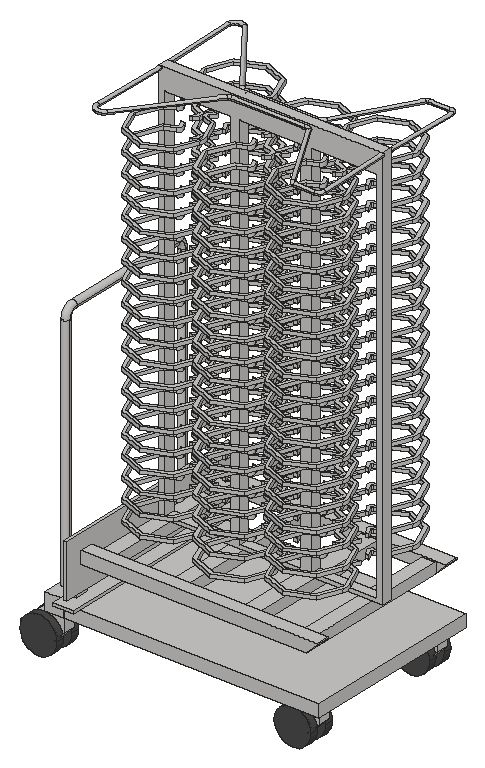
Revit family "QF_ELECTROLUXPROFESSIONAL_922764_TRBA116PL2021C", category Attrezzature speciali, Revit 2020 (continued)
Automatic sketch dimensions
  Extrusion 30 sketch curve to Extrusion 30 sketch curve = 0.12 mm
  Extrusion 30 sketch curve to Extrusion 30 sketch curve = 1.997 mm
  Extrusion 30 sketch curve to Extrusion 30 sketch curve = 13.006 mm  (x2)
  plane 21 to Extrusion 30 sketch curve = 19.305 mm
  plane 21 to Extrusion 30 sketch curve = 17.105 mm
  plane 61 to Extrusion 30 sketch curve = 0.677 mm
  plane 21 to Extrusion 30 sketch curve = 14.385 mm
  plane 21 to Extrusion 30 sketch curve = 8.282 mm
  plane 21 to Extrusion 30 sketch curve = 6.814 mm
  Extrusion 30 sketch curve to plane 21 = 16.765 mm
  Extrusion 30 sketch curve to Extrusion 30 sketch curve = 5.676 mm
  Extrusion 30 sketch curve to plane 61 = 14.321 mm
  Extrusion 30 sketch curve to Extrusion 30 sketch curve = 5.931 mm
  plane 23 to Extrusion 30 sketch curve = 16.976 mm
  Extrusion 30 sketch curve to plane 62 = 40.033 mm
  Extrusion 30 sketch curve to Extrusion 30 sketch curve = 7.129 mm
  Extrusion 30 sketch curve to Extrusion 30 sketch curve = 9.801 mm
  plane 23 to Extrusion 30 sketch curve = 21.716 mm
  Extrusion 30 sketch curve to Extrusion 30 sketch curve = 10.269 mm
  plane 23 to Extrusion 30 sketch curve = 28.819 mm
  Extrusion 30 sketch curve to Extrusion 30 sketch curve = 2.378 mm
  Extrusion 30 sketch curve to Extrusion 30 sketch curve = 2.721 mm
  Extrusion 30 sketch curve to Extrusion 30 sketch curve = 1.609 mm
  Extrusion 30 sketch curve to plane 61 = 0.677 mm
  Extrusion 30 sketch curve to plane 62 = 81.177 mm
  Extrusion 30 sketch curve to Extrusion 30 sketch curve = 34.52 mm
  Extrusion 30 sketch curve to plane 14 = 23.461 mm
  Extrusion 30 sketch curve to Extrusion 30 sketch curve = 0.634 mm
  Extrusion 30 sketch curve to plane 14 = 12.859 mm
  Extrusion 30 sketch curve to Extrusion 30 sketch curve = 5.47 mm  (x2)
  plane 23 to Extrusion 30 sketch curve = 44.113 mm
  Extrusion 30 sketch curve to Extrusion 30 sketch curve = 7.067 mm
  Extrusion 30 sketch curve to plane 61 = 1.889 mm
  Extrusion 30 sketch curve to Extrusion 30 sketch curve = 33.003 mm
  Extrusion 30 sketch curve to plane 61 = 16.292 mm
  Extrusion 30 sketch curve to Extrusion 30 sketch curve = 3.823 mm
  plane 61 to Extrusion 30 sketch curve = 14.321 mm
  Extrusion 30 sketch curve to Extrusion 30 sketch curve = 0.26 mm
  Extrusion 30 sketch curve to Extrusion 30 sketch curve = 0.931 mm
  Extrusion 30 sketch curve to Extrusion 30 sketch curve = 14.355 mm
  Extrusion 30 sketch curve to Extrusion 30 sketch curve = 8.956 mm
  Extrusion 30 sketch curve to Extrusion 30 sketch curve = 8.823 mm
  Extrusion 30 sketch curve to plane 14 = 19.797 mm
  plane 14 to Extrusion 30 sketch curve = 12.573 mm
  Extrusion 30 sketch curve to Extrusion 30 sketch curve = 10.291 mm
  Extrusion 31 sketch curve to plane 63 = 0 mm
  plane 23 to Extrusion 31 sketch curve = 0 mm  (x2)
  Extrusion 31 sketch curve to plane 64 = 0 mm
  plane 64 to Extrusion 31 sketch curve = 1.038 mm
  plane 23 to Extrusion 31 sketch curve = 17.086 mm
  plane 64 to Extrusion 31 sketch curve = 38.719 mm
  Extrusion 31 sketch curve to Extrusion 31 sketch curve = 7.361 mm
  Extrusion 31 sketch curve to Extrusion 31 sketch curve = 9.865 mm
  plane 23 to Extrusion 31 sketch curve = 21.155 mm
  Extrusion 31 sketch curve to Extrusion 31 sketch curve = 10.657 mm
  Extrusion 31 sketch curve to Extrusion 31 sketch curve = 2.333 mm
  plane 23 to Extrusion 31 sketch curve = 28.29 mm
  Extrusion 31 sketch curve to Extrusion 31 sketch curve = 0.12 mm
  Extrusion 31 sketch curve to Extrusion 31 sketch curve = 1.997 mm
  Extrusion 31 sketch curve to Extrusion 31 sketch curve = 13.006 mm  (x2)
  Extrusion 31 sketch curve to plane 14 = 19.797 mm
  plane 6 to Extrusion 31 sketch curve = 48.776 mm
  Extrusion 31 sketch curve to Extrusion 31 sketch curve = 32.378 mm
  plane 63 to Extrusion 31 sketch curve = 0.677 mm
  plane 6 to Extrusion 31 sketch curve = 43.856 mm
  Extrusion 31 sketch curve to Extrusion 31 sketch curve = 8.823 mm  (x2)
  Extrusion 31 sketch curve to plane 14 = 14.327 mm
  Extrusion 31 sketch curve to Extrusion 31 sketch curve = 12.491 mm
  plane 6 to Extrusion 31 sketch curve = 12.706 mm
  plane 6 to Extrusion 31 sketch curve = 7.03 mm
  plane 6 to Extrusion 31 sketch curve = 6.775 mm
  plane 23 to Extrusion 31 sketch curve = 16.976 mm
  Extrusion 31 sketch curve to plane 64 = 40.033 mm
  Extrusion 31 sketch curve to Extrusion 31 sketch curve = 7.129 mm
  Extrusion 31 sketch curve to Extrusion 31 sketch curve = 9.801 mm
  plane 23 to Extrusion 31 sketch curve = 21.716 mm
  Extrusion 31 sketch curve to Extrusion 31 sketch curve = 10.269 mm
  plane 23 to Extrusion 31 sketch curve = 28.819 mm
  Extrusion 31 sketch curve to Extrusion 31 sketch curve = 2.378 mm
  Extrusion 31 sketch curve to Extrusion 31 sketch curve = 2.721 mm
  Extrusion 31 sketch curve to Extrusion 31 sketch curve = 1.609 mm
  Extrusion 31 sketch curve to plane 63 = 0.677 mm
  Extrusion 31 sketch curve to plane 64 = 81.177 mm
  Extrusion 31 sketch curve to Extrusion 31 sketch curve = 34.52 mm
  Extrusion 31 sketch curve to plane 14 = 23.461 mm
  Extrusion 31 sketch curve to Extrusion 31 sketch curve = 0.634 mm
  Extrusion 31 sketch curve to plane 14 = 12.859 mm
  Extrusion 31 sketch curve to Extrusion 31 sketch curve = 5.47 mm
  plane 23 to Extrusion 31 sketch curve = 44.113 mm
  Extrusion 31 sketch curve to Extrusion 31 sketch curve = 7.067 mm
  Extrusion 31 sketch curve to plane 63 = 1.889 mm
  Extrusion 31 sketch curve to Extrusion 31 sketch curve = 33.003 mm
  Extrusion 31 sketch curve to plane 63 = 16.292 mm
  Extrusion 31 sketch curve to Extrusion 31 sketch curve = 3.823 mm
  plane 63 to Extrusion 31 sketch curve = 14.321 mm
  Extrusion 31 sketch curve to Extrusion 31 sketch curve = 0.26 mm
  Extrusion 31 sketch curve to Extrusion 31 sketch curve = 0.931 mm
  Extrusion 31 sketch curve to Extrusion 31 sketch curve = 14.355 mm
  Extrusion 31 sketch curve to Extrusion 31 sketch curve = 8.956 mm
  plane 63 to Extrusion 31 sketch curve = 16.292 mm
  plane 14 to Extrusion 31 sketch curve = 12.573 mm
  Extrusion 31 sketch curve to Extrusion 31 sketch curve = 10.291 mm
  plane 65 to Extrusion 32 sketch curve = 0 mm
  plane 24 to Extrusion 32 sketch curve = 0 mm  (x2)
  Extrusion 32 sketch curve to plane 66 = 0 mm
  Extrusion 32 sketch curve to plane 66 = 1.038 mm
  plane 24 to Extrusion 32 sketch curve = 17.086 mm
  Extrusion 32 sketch curve to plane 66 = 38.719 mm
  Extrusion 32 sketch curve to Extrusion 32 sketch curve = 7.361 mm
  Extrusion 32 sketch curve to Extrusion 32 sketch curve = 9.865 mm
  plane 24 to Extrusion 32 sketch curve = 21.155 mm
  Extrusion 32 sketch curve to Extrusion 32 sketch curve = 10.657 mm
  Extrusion 32 sketch curve to Extrusion 32 sketch curve = 2.333 mm
  plane 24 to Extrusion 32 sketch curve = 28.29 mm
  Extrusion 32 sketch curve to Extrusion 32 sketch curve = 0.12 mm
  Extrusion 32 sketch curve to Extrusion 32 sketch curve = 1.997 mm
  Extrusion 32 sketch curve to Extrusion 32 sketch curve = 13.006 mm  (x2)
  Extrusion 32 sketch curve to plane 21 = 19.305 mm
  Extrusion 32 sketch curve to plane 21 = 17.105 mm
  Extrusion 32 sketch curve to plane 65 = 0.677 mm
  Extrusion 32 sketch curve to plane 21 = 14.385 mm
  Extrusion 32 sketch curve to plane 21 = 8.282 mm
  Extrusion 32 sketch curve to plane 21 = 6.814 mm
  plane 21 to Extrusion 32 sketch curve = 16.765 mm
  Extrusion 32 sketch curve to Extrusion 32 sketch curve = 5.676 mm
  plane 65 to Extrusion 32 sketch curve = 14.321 mm
  Extrusion 32 sketch curve to Extrusion 32 sketch curve = 5.931 mm
  plane 24 to Extrusion 32 sketch curve = 16.976 mm
  plane 66 to Extrusion 32 sketch curve = 40.033 mm
  Extrusion 32 sketch curve to Extrusion 32 sketch curve = 7.129 mm
  Extrusion 32 sketch curve to Extrusion 32 sketch curve = 9.801 mm
  plane 24 to Extrusion 32 sketch curve = 21.716 mm
  Extrusion 32 sketch curve to Extrusion 32 sketch curve = 10.269 mm
  plane 24 to Extrusion 32 sketch curve = 28.819 mm
  Extrusion 32 sketch curve to Extrusion 32 sketch curve = 2.378 mm
  Extrusion 32 sketch curve to Extrusion 32 sketch curve = 2.721 mm
  Extrusion 32 sketch curve to Extrusion 32 sketch curve = 1.609 mm
  plane 65 to Extrusion 32 sketch curve = 0.677 mm
  plane 66 to Extrusion 32 sketch curve = 81.177 mm
  Extrusion 32 sketch curve to Extrusion 32 sketch curve = 34.52 mm
  Extrusion 32 sketch curve to plane 15 = 23.461 mm
  Extrusion 32 sketch curve to Extrusion 32 sketch curve = 0.634 mm
  Extrusion 32 sketch curve to plane 15 = 12.859 mm
  Extrusion 32 sketch curve to Extrusion 32 sketch curve = 5.47 mm  (x2)
  plane 24 to Extrusion 32 sketch curve = 44.113 mm
  Extrusion 32 sketch curve to Extrusion 32 sketch curve = 7.067 mm
  plane 65 to Extrusion 32 sketch curve = 1.889 mm
  Extrusion 32 sketch curve to Extrusion 32 sketch curve = 33.003 mm
  plane 65 to Extrusion 32 sketch curve = 16.292 mm
  Extrusion 32 sketch curve to Extrusion 32 sketch curve = 3.823 mm
  Extrusion 32 sketch curve to plane 65 = 14.321 mm
  Extrusion 32 sketch curve to Extrusion 32 sketch curve = 0.26 mm
  Extrusion 32 sketch curve to Extrusion 32 sketch curve = 0.931 mm
  Extrusion 32 sketch curve to Extrusion 32 sketch curve = 14.355 mm
  Extrusion 32 sketch curve to Extrusion 32 sketch curve = 8.956 mm
  Extrusion 32 sketch curve to Extrusion 32 sketch curve = 8.823 mm
  Extrusion 32 sketch curve to plane 15 = 19.797 mm
  plane 15 to Extrusion 32 sketch curve = 12.573 mm
  Extrusion 32 sketch curve to Extrusion 32 sketch curve = 10.291 mm
  plane 67 to Extrusion 33 sketch curve = 0 mm
  plane 24 to Extrusion 33 sketch curve = 0 mm  (x2)
  Extrusion 33 sketch curve to plane 68 = 0 mm
  Extrusion 33 sketch curve to plane 68 = 1.038 mm
  plane 24 to Extrusion 33 sketch curve = 17.086 mm
  Extrusion 33 sketch curve to plane 68 = 38.719 mm
  Extrusion 33 sketch curve to Extrusion 33 sketch curve = 7.361 mm
  Extrusion 33 sketch curve to Extrusion 33 sketch curve = 9.865 mm
  plane 24 to Extrusion 33 sketch curve = 21.155 mm
  Extrusion 33 sketch curve to Extrusion 33 sketch curve = 10.657 mm
  Extrusion 33 sketch curve to Extrusion 33 sketch curve = 2.333 mm
  plane 24 to Extrusion 33 sketch curve = 28.29 mm
  Extrusion 33 sketch curve to Extrusion 33 sketch curve = 0.12 mm
  Extrusion 33 sketch curve to Extrusion 33 sketch curve = 1.997 mm
  Extrusion 33 sketch curve to Extrusion 33 sketch curve = 13.006 mm  (x2)
  Extrusion 33 sketch curve to plane 15 = 19.797 mm
  Extrusion 33 sketch curve to plane 6 = 48.776 mm
  Extrusion 33 sketch curve to Extrusion 33 sketch curve = 32.378 mm
  Extrusion 33 sketch curve to plane 67 = 0.677 mm
  Extrusion 33 sketch curve to plane 6 = 43.856 mm
  Extrusion 33 sketch curve to Extrusion 33 sketch curve = 8.823 mm  (x2)
  Extrusion 33 sketch curve to plane 15 = 14.327 mm
  Extrusion 33 sketch curve to Extrusion 33 sketch curve = 12.491 mm
  Extrusion 33 sketch curve to plane 6 = 12.706 mm
  Extrusion 33 sketch curve to plane 6 = 7.03 mm
  Extrusion 33 sketch curve to plane 6 = 6.775 mm
  plane 24 to Extrusion 33 sketch curve = 16.976 mm
  plane 68 to Extrusion 33 sketch curve = 40.033 mm
  Extrusion 33 sketch curve to Extrusion 33 sketch curve = 7.129 mm
  Extrusion 33 sketch curve to Extrusion 33 sketch curve = 9.801 mm
  plane 24 to Extrusion 33 sketch curve = 21.716 mm
  Extrusion 33 sketch curve to Extrusion 33 sketch curve = 10.269 mm
  plane 24 to Extrusion 33 sketch curve = 28.819 mm
  Extrusion 33 sketch curve to Extrusion 33 sketch curve = 2.378 mm
  Extrusion 33 sketch curve to Extrusion 33 sketch curve = 2.721 mm
  Extrusion 33 sketch curve to Extrusion 33 sketch curve = 1.609 mm
  plane 67 to Extrusion 33 sketch curve = 0.677 mm
  plane 68 to Extrusion 33 sketch curve = 81.177 mm
  Extrusion 33 sketch curve to Extrusion 33 sketch curve = 34.52 mm
  Extrusion 33 sketch curve to plane 15 = 23.461 mm
  Extrusion 33 sketch curve to Extrusion 33 sketch curve = 0.634 mm
  Extrusion 33 sketch curve to plane 15 = 12.859 mm
  Extrusion 33 sketch curve to Extrusion 33 sketch curve = 5.47 mm
  plane 24 to Extrusion 33 sketch curve = 44.113 mm
  Extrusion 33 sketch curve to Extrusion 33 sketch curve = 7.067 mm
  plane 67 to Extrusion 33 sketch curve = 1.889 mm
  Extrusion 33 sketch curve to Extrusion 33 sketch curve = 33.003 mm
  plane 67 to Extrusion 33 sketch curve = 16.292 mm
  Extrusion 33 sketch curve to Extrusion 33 sketch curve = 3.823 mm
  Extrusion 33 sketch curve to plane 67 = 14.321 mm
  Extrusion 33 sketch curve to Extrusion 33 sketch curve = 0.26 mm
  Extrusion 33 sketch curve to Extrusion 33 sketch curve = 0.931 mm
  Extrusion 33 sketch curve to Extrusion 33 sketch curve = 14.355 mm
  Extrusion 33 sketch curve to Extrusion 33 sketch curve = 8.956 mm
  Extrusion 33 sketch curve to plane 67 = 16.292 mm
  plane 15 to Extrusion 33 sketch curve = 12.573 mm
  Extrusion 33 sketch curve to Extrusion 33 sketch curve = 10.291 mm
  Extrusion 34 sketch curve to plane 69 = 0 mm
  plane 23 to Extrusion 34 sketch curve = 0 mm  (x2)
  Extrusion 34 sketch curve to plane 70 = 0 mm
  plane 70 to Extrusion 34 sketch curve = 1.038 mm
  plane 23 to Extrusion 34 sketch curve = 17.086 mm
  plane 70 to Extrusion 34 sketch curve = 38.719 mm
  Extrusion 34 sketch curve to Extrusion 34 sketch curve = 7.361 mm
  Extrusion 34 sketch curve to Extrusion 34 sketch curve = 9.865 mm
  plane 23 to Extrusion 34 sketch curve = 21.155 mm
  Extrusion 34 sketch curve to Extrusion 34 sketch curve = 10.657 mm
  Extrusion 34 sketch curve to Extrusion 34 sketch curve = 2.333 mm
  plane 23 to Extrusion 34 sketch curve = 28.29 mm
  Extrusion 34 sketch curve to Extrusion 34 sketch curve = 0.12 mm
  Extrusion 34 sketch curve to Extrusion 34 sketch curve = 1.997 mm
  Extrusion 34 sketch curve to Extrusion 34 sketch curve = 13.006 mm  (x2)
  plane 21 to Extrusion 34 sketch curve = 19.305 mm
  plane 21 to Extrusion 34 sketch curve = 17.105 mm
  plane 69 to Extrusion 34 sketch curve = 0.677 mm
  plane 21 to Extrusion 34 sketch curve = 14.385 mm
  plane 21 to Extrusion 34 sketch curve = 8.282 mm
  plane 21 to Extrusion 34 sketch curve = 6.814 mm
  Extrusion 34 sketch curve to plane 21 = 16.765 mm
  Extrusion 34 sketch curve to Extrusion 34 sketch curve = 5.676 mm
  Extrusion 34 sketch curve to plane 69 = 14.321 mm
  Extrusion 34 sketch curve to Extrusion 34 sketch curve = 5.931 mm
  plane 23 to Extrusion 34 sketch curve = 16.976 mm
  Extrusion 34 sketch curve to plane 70 = 40.033 mm
  Extrusion 34 sketch curve to Extrusion 34 sketch curve = 7.129 mm
  Extrusion 34 sketch curve to Extrusion 34 sketch curve = 9.801 mm
  plane 23 to Extrusion 34 sketch curve = 21.716 mm
  Extrusion 34 sketch curve to Extrusion 34 sketch curve = 10.269 mm
  plane 23 to Extrusion 34 sketch curve = 28.819 mm
  Extrusion 34 sketch curve to Extrusion 34 sketch curve = 2.378 mm
  Extrusion 34 sketch curve to Extrusion 34 sketch curve = 2.721 mm
  Extrusion 34 sketch curve to Extrusion 34 sketch curve = 1.609 mm
  Extrusion 34 sketch curve to plane 69 = 0.677 mm
  Extrusion 34 sketch curve to plane 70 = 81.177 mm
  Extrusion 34 sketch curve to Extrusion 34 sketch curve = 34.52 mm
  Extrusion 34 sketch curve to plane 14 = 23.461 mm
  Extrusion 34 sketch curve to Extrusion 34 sketch curve = 0.634 mm
  Extrusion 34 sketch curve to plane 14 = 12.859 mm
  Extrusion 34 sketch curve to Extrusion 34 sketch curve = 5.47 mm  (x2)
  plane 23 to Extrusion 34 sketch curve = 44.113 mm
  Extrusion 34 sketch curve to Extrusion 34 sketch curve = 7.067 mm
  Extrusion 34 sketch curve to plane 69 = 1.889 mm
  Extrusion 34 sketch curve to Extrusion 34 sketch curve = 33.003 mm
  Extrusion 34 sketch curve to plane 69 = 16.292 mm
  Extrusion 34 sketch curve to Extrusion 34 sketch curve = 3.823 mm
  plane 69 to Extrusion 34 sketch curve = 14.321 mm
  Extrusion 34 sketch curve to Extrusion 34 sketch curve = 0.26 mm
  Extrusion 34 sketch curve to Extrusion 34 sketch curve = 0.931 mm
  Extrusion 34 sketch curve to Extrusion 34 sketch curve = 14.355 mm
  Extrusion 34 sketch curve to Extrusion 34 sketch curve = 8.956 mm
  Extrusion 34 sketch curve to Extrusion 34 sketch curve = 8.823 mm
  Extrusion 34 sketch curve to plane 14 = 19.797 mm
  plane 14 to Extrusion 34 sketch curve = 12.573 mm
  Extrusion 34 sketch curve to Extrusion 34 sketch curve = 10.291 mm
  Extrusion 35 sketch curve to plane 71 = 0 mm
  plane 23 to Extrusion 35 sketch curve = 0 mm  (x2)
  Extrusion 35 sketch curve to plane 72 = 0 mm
  plane 72 to Extrusion 35 sketch curve = 1.038 mm
  plane 23 to Extrusion 35 sketch curve = 17.086 mm
  plane 72 to Extrusion 35 sketch curve = 38.719 mm
  Extrusion 35 sketch curve to Extrusion 35 sketch curve = 7.361 mm
  Extrusion 35 sketch curve to Extrusion 35 sketch curve = 9.865 mm
  plane 23 to Extrusion 35 sketch curve = 21.155 mm
  Extrusion 35 sketch curve to Extrusion 35 sketch curve = 10.657 mm
  Extrusion 35 sketch curve to Extrusion 35 sketch curve = 2.333 mm
  plane 23 to Extrusion 35 sketch curve = 28.29 mm
  Extrusion 35 sketch curve to Extrusion 35 sketch curve = 0.12 mm
  Extrusion 35 sketch curve to Extrusion 35 sketch curve = 1.997 mm
  Extrusion 35 sketch curve to Extrusion 35 sketch curve = 13.006 mm  (x2)
  Extrusion 35 sketch curve to plane 14 = 19.797 mm
  plane 6 to Extrusion 35 sketch curve = 48.776 mm
  Extrusion 35 sketch curve to Extrusion 35 sketch curve = 32.378 mm
  plane 71 to Extrusion 35 sketch curve = 0.677 mm
  plane 6 to Extrusion 35 sketch curve = 43.856 mm
  Extrusion 35 sketch curve to Extrusion 35 sketch curve = 8.823 mm  (x2)
  Extrusion 35 sketch curve to plane 14 = 14.327 mm
  Extrusion 35 sketch curve to Extrusion 35 sketch curve = 12.491 mm
  plane 6 to Extrusion 35 sketch curve = 12.706 mm
  plane 6 to Extrusion 35 sketch curve = 7.03 mm
  plane 6 to Extrusion 35 sketch curve = 6.775 mm
  plane 23 to Extrusion 35 sketch curve = 16.976 mm
  Extrusion 35 sketch curve to plane 72 = 40.033 mm
  Extrusion 35 sketch curve to Extrusion 35 sketch curve = 7.129 mm
  Extrusion 35 sketch curve to Extrusion 35 sketch curve = 9.801 mm
  plane 23 to Extrusion 35 sketch curve = 21.716 mm
  Extrusion 35 sketch curve to Extrusion 35 sketch curve = 10.269 mm
  plane 23 to Extrusion 35 sketch curve = 28.819 mm
  Extrusion 35 sketch curve to Extrusion 35 sketch curve = 2.378 mm
  Extrusion 35 sketch curve to Extrusion 35 sketch curve = 2.721 mm
  Extrusion 35 sketch curve to Extrusion 35 sketch curve = 1.609 mm
  Extrusion 35 sketch curve to plane 71 = 0.677 mm
  Extrusion 35 sketch curve to plane 72 = 81.177 mm
  Extrusion 35 sketch curve to Extrusion 35 sketch curve = 34.52 mm
  Extrusion 35 sketch curve to plane 14 = 23.461 mm
  Extrusion 35 sketch curve to Extrusion 35 sketch curve = 0.634 mm
  Extrusion 35 sketch curve to plane 14 = 12.859 mm
  Extrusion 35 sketch curve to Extrusion 35 sketch curve = 5.47 mm
  plane 23 to Extrusion 35 sketch curve = 44.113 mm
  Extrusion 35 sketch curve to Extrusion 35 sketch curve = 7.067 mm
  Extrusion 35 sketch curve to plane 71 = 1.889 mm
  Extrusion 35 sketch curve to Extrusion 35 sketch curve = 33.003 mm
  Extrusion 35 sketch curve to plane 71 = 16.292 mm
  Extrusion 35 sketch curve to Extrusion 35 sketch curve = 3.823 mm
  plane 71 to Extrusion 35 sketch curve = 14.321 mm
  Extrusion 35 sketch curve to Extrusion 35 sketch curve = 0.26 mm
  Extrusion 35 sketch curve to Extrusion 35 sketch curve = 0.931 mm
  Extrusion 35 sketch curve to Extrusion 35 sketch curve = 14.355 mm
  Extrusion 35 sketch curve to Extrusion 35 sketch curve = 8.956 mm
  plane 71 to Extrusion 35 sketch curve = 16.292 mm
  plane 14 to Extrusion 35 sketch curve = 12.573 mm
  Extrusion 35 sketch curve to Extrusion 35 sketch curve = 10.291 mm
  plane 73 to Extrusion 36 sketch curve = 0 mm
  plane 24 to Extrusion 36 sketch curve = 0 mm  (x2)
  Extrusion 36 sketch curve to plane 74 = 0 mm
  Extrusion 36 sketch curve to plane 74 = 1.038 mm
  plane 24 to Extrusion 36 sketch curve = 17.086 mm
  Extrusion 36 sketch curve to plane 74 = 38.719 mm
  Extrusion 36 sketch curve to Extrusion 36 sketch curve = 7.361 mm
  Extrusion 36 sketch curve to Extrusion 36 sketch curve = 9.865 mm
  plane 24 to Extrusion 36 sketch curve = 21.155 mm
  Extrusion 36 sketch curve to Extrusion 36 sketch curve = 10.657 mm
  Extrusion 36 sketch curve to Extrusion 36 sketch curve = 2.333 mm
  plane 24 to Extrusion 36 sketch curve = 28.29 mm
  Extrusion 36 sketch curve to Extrusion 36 sketch curve = 0.12 mm
  Extrusion 36 sketch curve to Extrusion 36 sketch curve = 1.997 mm
  Extrusion 36 sketch curve to Extrusion 36 sketch curve = 13.006 mm  (x2)
  Extrusion 36 sketch curve to plane 21 = 19.305 mm
  Extrusion 36 sketch curve to plane 21 = 17.105 mm
  Extrusion 36 sketch curve to plane 73 = 0.677 mm
  Extrusion 36 sketch curve to plane 21 = 14.385 mm
  Extrusion 36 sketch curve to plane 21 = 8.282 mm
  Extrusion 36 sketch curve to plane 21 = 6.814 mm
  plane 21 to Extrusion 36 sketch curve = 16.765 mm
  Extrusion 36 sketch curve to Extrusion 36 sketch curve = 5.676 mm
  plane 73 to Extrusion 36 sketch curve = 14.321 mm
  Extrusion 36 sketch curve to Extrusion 36 sketch curve = 5.931 mm
  plane 24 to Extrusion 36 sketch curve = 16.976 mm
  plane 74 to Extrusion 36 sketch curve = 40.033 mm
  Extrusion 36 sketch curve to Extrusion 36 sketch curve = 7.129 mm
  Extrusion 36 sketch curve to Extrusion 36 sketch curve = 9.801 mm
  plane 24 to Extrusion 36 sketch curve = 21.716 mm
  Extrusion 36 sketch curve to Extrusion 36 sketch curve = 10.269 mm
  plane 24 to Extrusion 36 sketch curve = 28.819 mm
  Extrusion 36 sketch curve to Extrusion 36 sketch curve = 2.378 mm
  Extrusion 36 sketch curve to Extrusion 36 sketch curve = 2.721 mm
  Extrusion 36 sketch curve to Extrusion 36 sketch curve = 1.609 mm
  plane 73 to Extrusion 36 sketch curve = 0.677 mm
  plane 74 to Extrusion 36 sketch curve = 81.177 mm
  Extrusion 36 sketch curve to Extrusion 36 sketch curve = 34.52 mm
  Extrusion 36 sketch curve to plane 15 = 23.461 mm
  Extrusion 36 sketch curve to Extrusion 36 sketch curve = 0.634 mm
  Extrusion 36 sketch curve to plane 15 = 12.859 mm
  Extrusion 36 sketch curve to Extrusion 36 sketch curve = 5.47 mm  (x2)
  plane 24 to Extrusion 36 sketch curve = 44.113 mm
  Extrusion 36 sketch curve to Extrusion 36 sketch curve = 7.067 mm
  plane 73 to Extrusion 36 sketch curve = 1.889 mm
  Extrusion 36 sketch curve to Extrusion 36 sketch curve = 33.003 mm
  plane 73 to Extrusion 36 sketch curve = 16.292 mm
  Extrusion 36 sketch curve to Extrusion 36 sketch curve = 3.823 mm
  Extrusion 36 sketch curve to plane 73 = 14.321 mm
  Extrusion 36 sketch curve to Extrusion 36 sketch curve = 0.26 mm
  Extrusion 36 sketch curve to Extrusion 36 sketch curve = 0.931 mm
  Extrusion 36 sketch curve to Extrusion 36 sketch curve = 14.355 mm
  Extrusion 36 sketch curve to Extrusion 36 sketch curve = 8.956 mm
  Extrusion 36 sketch curve to Extrusion 36 sketch curve = 8.823 mm
  Extrusion 36 sketch curve to plane 15 = 19.797 mm
  plane 15 to Extrusion 36 sketch curve = 12.573 mm
  Extrusion 36 sketch curve to Extrusion 36 sketch curve = 10.291 mm
  plane 75 to Extrusion 37 sketch curve = 0 mm
  plane 24 to Extrusion 37 sketch curve = 0 mm  (x2)
  Extrusion 37 sketch curve to plane 76 = 0 mm
  Extrusion 37 sketch curve to plane 76 = 1.038 mm
  plane 24 to Extrusion 37 sketch curve = 17.086 mm
  Extrusion 37 sketch curve to plane 76 = 38.719 mm
  Extrusion 37 sketch curve to Extrusion 37 sketch curve = 7.361 mm
  Extrusion 37 sketch curve to Extrusion 37 sketch curve = 9.865 mm
  plane 24 to Extrusion 37 sketch curve = 21.155 mm
  Extrusion 37 sketch curve to Extrusion 37 sketch curve = 10.657 mm
  Extrusion 37 sketch curve to Extrusion 37 sketch curve = 2.333 mm
  plane 24 to Extrusion 37 sketch curve = 28.29 mm
  Extrusion 37 sketch curve to Extrusion 37 sketch curve = 0.12 mm
  Extrusion 37 sketch curve to Extrusion 37 sketch curve = 1.997 mm
  Extrusion 37 sketch curve to Extrusion 37 sketch curve = 13.006 mm  (x2)
  Extrusion 37 sketch curve to plane 15 = 19.797 mm
  Extrusion 37 sketch curve to plane 6 = 48.776 mm
  Extrusion 37 sketch curve to Extrusion 37 sketch curve = 32.378 mm
  Extrusion 37 sketch curve to plane 75 = 0.677 mm
  Extrusion 37 sketch curve to plane 6 = 43.856 mm
  Extrusion 37 sketch curve to Extrusion 37 sketch curve = 8.823 mm  (x2)
  Extrusion 37 sketch curve to plane 15 = 14.327 mm
  Extrusion 37 sketch curve to Extrusion 37 sketch curve = 12.491 mm
  Extrusion 37 sketch curve to plane 6 = 12.706 mm
  Extrusion 37 sketch curve to plane 6 = 7.03 mm
  Extrusion 37 sketch curve to plane 6 = 6.775 mm
  plane 24 to Extrusion 37 sketch curve = 16.976 mm
  plane 76 to Extrusion 37 sketch curve = 40.033 mm
  Extrusion 37 sketch curve to Extrusion 37 sketch curve = 7.129 mm
  Extrusion 37 sketch curve to Extrusion 37 sketch curve = 9.801 mm
  plane 24 to Extrusion 37 sketch curve = 21.716 mm
  Extrusion 37 sketch curve to Extrusion 37 sketch curve = 10.269 mm
  plane 24 to Extrusion 37 sketch curve = 28.819 mm
  Extrusion 37 sketch curve to Extrusion 37 sketch curve = 2.378 mm
  Extrusion 37 sketch curve to Extrusion 37 sketch curve = 2.721 mm
  Extrusion 37 sketch curve to Extrusion 37 sketch curve = 1.609 mm
  plane 75 to Extrusion 37 sketch curve = 0.677 mm
  plane 76 to Extrusion 37 sketch curve = 81.177 mm
  Extrusion 37 sketch curve to Extrusion 37 sketch curve = 34.52 mm
  Extrusion 37 sketch curve to plane 15 = 23.461 mm
  Extrusion 37 sketch curve to Extrusion 37 sketch curve = 0.634 mm
  Extrusion 37 sketch curve to plane 15 = 12.859 mm
  Extrusion 37 sketch curve to Extrusion 37 sketch curve = 5.47 mm
  plane 24 to Extrusion 37 sketch curve = 44.113 mm
  Extrusion 37 sketch curve to Extrusion 37 sketch curve = 7.067 mm
  plane 75 to Extrusion 37 sketch curve = 1.889 mm
  Extrusion 37 sketch curve to Extrusion 37 sketch curve = 33.003 mm
  plane 75 to Extrusion 37 sketch curve = 16.292 mm
  Extrusion 37 sketch curve to Extrusion 37 sketch curve = 3.823 mm
  Extrusion 37 sketch curve to plane 75 = 14.321 mm
  Extrusion 37 sketch curve to Extrusion 37 sketch curve = 0.26 mm
  Extrusion 37 sketch curve to Extrusion 37 sketch curve = 0.931 mm
  Extrusion 37 sketch curve to Extrusion 37 sketch curve = 14.355 mm
  Extrusion 37 sketch curve to Extrusion 37 sketch curve = 8.956 mm
  Extrusion 37 sketch curve to plane 75 = 16.292 mm
  plane 15 to Extrusion 37 sketch curve = 12.573 mm
  Extrusion 37 sketch curve to Extrusion 37 sketch curve = 10.291 mm
  Extrusion 38 sketch curve to plane 77 = 0 mm
  plane 23 to Extrusion 38 sketch curve = 0 mm  (x2)
  Extrusion 38 sketch curve to plane 78 = 0 mm
  plane 78 to Extrusion 38 sketch curve = 1.038 mm
  plane 23 to Extrusion 38 sketch curve = 17.086 mm
  plane 78 to Extrusion 38 sketch curve = 38.719 mm
  Extrusion 38 sketch curve to Extrusion 38 sketch curve = 7.361 mm
  Extrusion 38 sketch curve to Extrusion 38 sketch curve = 9.865 mm
  plane 23 to Extrusion 38 sketch curve = 21.155 mm
  Extrusion 38 sketch curve to Extrusion 38 sketch curve = 10.657 mm
  Extrusion 38 sketch curve to Extrusion 38 sketch curve = 2.333 mm
  plane 23 to Extrusion 38 sketch curve = 28.29 mm
  Extrusion 38 sketch curve to Extrusion 38 sketch curve = 0.12 mm
  Extrusion 38 sketch curve to Extrusion 38 sketch curve = 1.997 mm
  Extrusion 38 sketch curve to Extrusion 38 sketch curve = 13.006 mm  (x2)
  plane 21 to Extrusion 38 sketch curve = 19.305 mm
  plane 21 to Extrusion 38 sketch curve = 17.105 mm
  plane 77 to Extrusion 38 sketch curve = 0.677 mm
  plane 21 to Extrusion 38 sketch curve = 14.385 mm
  plane 21 to Extrusion 38 sketch curve = 8.282 mm
  plane 21 to Extrusion 38 sketch curve = 6.814 mm
  Extrusion 38 sketch curve to plane 21 = 16.765 mm
  Extrusion 38 sketch curve to Extrusion 38 sketch curve = 5.676 mm
  Extrusion 38 sketch curve to plane 77 = 14.321 mm
  Extrusion 38 sketch curve to Extrusion 38 sketch curve = 5.931 mm
  plane 23 to Extrusion 38 sketch curve = 16.976 mm
  Extrusion 38 sketch curve to plane 78 = 40.033 mm
  Extrusion 38 sketch curve to Extrusion 38 sketch curve = 7.129 mm
  Extrusion 38 sketch curve to Extrusion 38 sketch curve = 9.801 mm
  plane 23 to Extrusion 38 sketch curve = 21.716 mm
  Extrusion 38 sketch curve to Extrusion 38 sketch curve = 10.269 mm
  plane 23 to Extrusion 38 sketch curve = 28.819 mm
  Extrusion 38 sketch curve to Extrusion 38 sketch curve = 2.378 mm
  Extrusion 38 sketch curve to Extrusion 38 sketch curve = 2.721 mm
  Extrusion 38 sketch curve to Extrusion 38 sketch curve = 1.609 mm
  Extrusion 38 sketch curve to plane 77 = 0.677 mm
  Extrusion 38 sketch curve to plane 78 = 81.177 mm
  Extrusion 38 sketch curve to Extrusion 38 sketch curve = 34.52 mm
  Extrusion 38 sketch curve to plane 14 = 23.461 mm
  Extrusion 38 sketch curve to Extrusion 38 sketch curve = 0.634 mm
  Extrusion 38 sketch curve to plane 14 = 12.859 mm
  Extrusion 38 sketch curve to Extrusion 38 sketch curve = 5.47 mm  (x2)
  plane 23 to Extrusion 38 sketch curve = 44.113 mm
  Extrusion 38 sketch curve to Extrusion 38 sketch curve = 7.067 mm
  Extrusion 38 sketch curve to plane 77 = 1.889 mm
  Extrusion 38 sketch curve to Extrusion 38 sketch curve = 33.003 mm
  Extrusion 38 sketch curve to plane 77 = 16.292 mm
  Extrusion 38 sketch curve to Extrusion 38 sketch curve = 3.823 mm
  plane 77 to Extrusion 38 sketch curve = 14.321 mm
  Extrusion 38 sketch curve to Extrusion 38 sketch curve = 0.26 mm
  Extrusion 38 sketch curve to Extrusion 38 sketch curve = 0.931 mm
  Extrusion 38 sketch curve to Extrusion 38 sketch curve = 14.355 mm
  Extrusion 38 sketch curve to Extrusion 38 sketch curve = 8.956 mm
  Extrusion 38 sketch curve to Extrusion 38 sketch curve = 8.823 mm
  Extrusion 38 sketch curve to plane 14 = 19.797 mm
  plane 14 to Extrusion 38 sketch curve = 12.573 mm
  Extrusion 38 sketch curve to Extrusion 38 sketch curve = 10.291 mm
  Extrusion 39 sketch curve to plane 79 = 0 mm
  plane 23 to Extrusion 39 sketch curve = 0 mm  (x2)
  Extrusion 39 sketch curve to plane 80 = 0 mm
  plane 80 to Extrusion 39 sketch curve = 1.038 mm
  plane 23 to Extrusion 39 sketch curve = 17.086 mm
  plane 80 to Extrusion 39 sketch curve = 38.719 mm
  Extrusion 39 sketch curve to Extrusion 39 sketch curve = 7.361 mm
  Extrusion 39 sketch curve to Extrusion 39 sketch curve = 9.865 mm
  plane 23 to Extrusion 39 sketch curve = 21.155 mm
  Extrusion 39 sketch curve to Extrusion 39 sketch curve = 10.657 mm
  Extrusion 39 sketch curve to Extrusion 39 sketch curve = 2.333 mm
  plane 23 to Extrusion 39 sketch curve = 28.29 mm
  Extrusion 39 sketch curve to Extrusion 39 sketch curve = 0.12 mm
  Extrusion 39 sketch curve to Extrusion 39 sketch curve = 1.997 mm
  Extrusion 39 sketch curve to Extrusion 39 sketch curve = 13.006 mm  (x2)
  Extrusion 39 sketch curve to plane 14 = 19.797 mm
  plane 6 to Extrusion 39 sketch curve = 48.776 mm
  Extrusion 39 sketch curve to Extrusion 39 sketch curve = 32.378 mm
  plane 79 to Extrusion 39 sketch curve = 0.677 mm
  plane 6 to Extrusion 39 sketch curve = 43.856 mm
  Extrusion 39 sketch curve to Extrusion 39 sketch curve = 8.823 mm  (x2)
  Extrusion 39 sketch curve to plane 14 = 14.327 mm
  Extrusion 39 sketch curve to Extrusion 39 sketch curve = 12.491 mm
  plane 6 to Extrusion 39 sketch curve = 12.706 mm
  plane 6 to Extrusion 39 sketch curve = 7.03 mm
  plane 6 to Extrusion 39 sketch curve = 6.775 mm
  plane 23 to Extrusion 39 sketch curve = 16.976 mm
  Extrusion 39 sketch curve to plane 80 = 40.033 mm
  Extrusion 39 sketch curve to Extrusion 39 sketch curve = 7.129 mm
  Extrusion 39 sketch curve to Extrusion 39 sketch curve = 9.801 mm
  plane 23 to Extrusion 39 sketch curve = 21.716 mm
  Extrusion 39 sketch curve to Extrusion 39 sketch curve = 10.269 mm
  plane 23 to Extrusion 39 sketch curve = 28.819 mm
  Extrusion 39 sketch curve to Extrusion 39 sketch curve = 2.378 mm
  Extrusion 39 sketch curve to Extrusion 39 sketch curve = 2.721 mm
  Extrusion 39 sketch curve to Extrusion 39 sketch curve = 1.609 mm
  Extrusion 39 sketch curve to plane 79 = 0.677 mm
  Extrusion 39 sketch curve to plane 80 = 81.177 mm
  Extrusion 39 sketch curve to Extrusion 39 sketch curve = 34.52 mm
  Extrusion 39 sketch curve to plane 14 = 23.461 mm
  Extrusion 39 sketch curve to Extrusion 39 sketch curve = 0.634 mm
  Extrusion 39 sketch curve to plane 14 = 12.859 mm
  Extrusion 39 sketch curve to Extrusion 39 sketch curve = 5.47 mm
  plane 23 to Extrusion 39 sketch curve = 44.113 mm
  Extrusion 39 sketch curve to Extrusion 39 sketch curve = 7.067 mm
  Extrusion 39 sketch curve to plane 79 = 1.889 mm
  Extrusion 39 sketch curve to Extrusion 39 sketch curve = 33.003 mm
  Extrusion 39 sketch curve to plane 79 = 16.292 mm
  Extrusion 39 sketch curve to Extrusion 39 sketch curve = 3.823 mm
  plane 79 to Extrusion 39 sketch curve = 14.321 mm
  Extrusion 39 sketch curve to Extrusion 39 sketch curve = 0.26 mm
  Extrusion 39 sketch curve to Extrusion 39 sketch curve = 0.931 mm
  Extrusion 39 sketch curve to Extrusion 39 sketch curve = 14.355 mm
  Extrusion 39 sketch curve to Extrusion 39 sketch curve = 8.956 mm
  plane 79 to Extrusion 39 sketch curve = 16.292 mm
  plane 14 to Extrusion 39 sketch curve = 12.573 mm
  Extrusion 39 sketch curve to Extrusion 39 sketch curve = 10.291 mm
  plane 81 to Extrusion 40 sketch curve = 0 mm
  plane 24 to Extrusion 40 sketch curve = 0 mm  (x2)
  Extrusion 40 sketch curve to plane 82 = 0 mm
  Extrusion 40 sketch curve to plane 82 = 1.038 mm
  plane 24 to Extrusion 40 sketch curve = 17.086 mm
  Extrusion 40 sketch curve to plane 82 = 38.719 mm
  Extrusion 40 sketch curve to Extrusion 40 sketch curve = 7.361 mm
  Extrusion 40 sketch curve to Extrusion 40 sketch curve = 9.865 mm
  plane 24 to Extrusion 40 sketch curve = 21.155 mm
  Extrusion 40 sketch curve to Extrusion 40 sketch curve = 10.657 mm
  Extrusion 40 sketch curve to Extrusion 40 sketch curve = 2.333 mm
  plane 24 to Extrusion 40 sketch curve = 28.29 mm
  Extrusion 40 sketch curve to Extrusion 40 sketch curve = 0.12 mm
  Extrusion 40 sketch curve to Extrusion 40 sketch curve = 1.997 mm
  Extrusion 40 sketch curve to Extrusion 40 sketch curve = 13.006 mm  (x2)
  Extrusion 40 sketch curve to plane 21 = 19.305 mm
  Extrusion 40 sketch curve to plane 21 = 17.105 mm
  Extrusion 40 sketch curve to plane 81 = 0.677 mm
  Extrusion 40 sketch curve to plane 21 = 14.385 mm
  Extrusion 40 sketch curve to plane 21 = 8.282 mm
  Extrusion 40 sketch curve to plane 21 = 6.814 mm
  plane 21 to Extrusion 40 sketch curve = 16.765 mm
  Extrusion 40 sketch curve to Extrusion 40 sketch curve = 5.676 mm
  plane 81 to Extrusion 40 sketch curve = 14.321 mm
  Extrusion 40 sketch curve to Extrusion 40 sketch curve = 5.931 mm
  plane 24 to Extrusion 40 sketch curve = 16.976 mm
  plane 82 to Extrusion 40 sketch curve = 40.033 mm
  Extrusion 40 sketch curve to Extrusion 40 sketch curve = 7.129 mm
  Extrusion 40 sketch curve to Extrusion 40 sketch curve = 9.801 mm
  plane 24 to Extrusion 40 sketch curve = 21.716 mm
  Extrusion 40 sketch curve to Extrusion 40 sketch curve = 10.269 mm
  plane 24 to Extrusion 40 sketch curve = 28.819 mm
  Extrusion 40 sketch curve to Extrusion 40 sketch curve = 2.378 mm
  Extrusion 40 sketch curve to Extrusion 40 sketch curve = 2.721 mm
  Extrusion 40 sketch curve to Extrusion 40 sketch curve = 1.609 mm
  plane 81 to Extrusion 40 sketch curve = 0.677 mm
  plane 82 to Extrusion 40 sketch curve = 81.177 mm
  Extrusion 40 sketch curve to Extrusion 40 sketch curve = 34.52 mm
  Extrusion 40 sketch curve to plane 15 = 23.461 mm
  Extrusion 40 sketch curve to Extrusion 40 sketch curve = 0.634 mm
  Extrusion 40 sketch curve to plane 15 = 12.859 mm
  Extrusion 40 sketch curve to Extrusion 40 sketch curve = 5.47 mm  (x2)
  plane 24 to Extrusion 40 sketch curve = 44.113 mm
  Extrusion 40 sketch curve to Extrusion 40 sketch curve = 7.067 mm
  plane 81 to Extrusion 40 sketch curve = 1.889 mm
  Extrusion 40 sketch curve to Extrusion 40 sketch curve = 33.003 mm
  plane 81 to Extrusion 40 sketch curve = 16.292 mm
  Extrusion 40 sketch curve to Extrusion 40 sketch curve = 3.823 mm
  Extrusion 40 sketch curve to plane 81 = 14.321 mm
  Extrusion 40 sketch curve to Extrusion 40 sketch curve = 0.26 mm
  Extrusion 40 sketch curve to Extrusion 40 sketch curve = 0.931 mm
  Extrusion 40 sketch curve to Extrusion 40 sketch curve = 14.355 mm
  Extrusion 40 sketch curve to Extrusion 40 sketch curve = 8.956 mm
  Extrusion 40 sketch curve to Extrusion 40 sketch curve = 8.823 mm
  Extrusion 40 sketch curve to plane 15 = 19.797 mm
  plane 15 to Extrusion 40 sketch curve = 12.573 mm
  Extrusion 40 sketch curve to Extrusion 40 sketch curve = 10.291 mm
  plane 83 to Extrusion 41 sketch curve = 0 mm
  plane 24 to Extrusion 41 sketch curve = 0 mm  (x2)
  Extrusion 41 sketch curve to plane 84 = 0 mm
  Extrusion 41 sketch curve to plane 84 = 1.038 mm
  plane 24 to Extrusion 41 sketch curve = 17.086 mm
  Extrusion 41 sketch curve to plane 84 = 38.719 mm
  Extrusion 41 sketch curve to Extrusion 41 sketch curve = 7.361 mm
  Extrusion 41 sketch curve to Extrusion 41 sketch curve = 9.865 mm
  plane 24 to Extrusion 41 sketch curve = 21.155 mm
  Extrusion 41 sketch curve to Extrusion 41 sketch curve = 10.657 mm
  Extrusion 41 sketch curve to Extrusion 41 sketch curve = 2.333 mm
  plane 24 to Extrusion 41 sketch curve = 28.29 mm
  Extrusion 41 sketch curve to Extrusion 41 sketch curve = 0.12 mm
  Extrusion 41 sketch curve to Extrusion 41 sketch curve = 1.997 mm
  Extrusion 41 sketch curve to Extrusion 41 sketch curve = 13.006 mm  (x2)
  Extrusion 41 sketch curve to plane 15 = 19.797 mm
  Extrusion 41 sketch curve to plane 6 = 48.776 mm
  Extrusion 41 sketch curve to Extrusion 41 sketch curve = 32.378 mm
  Extrusion 41 sketch curve to plane 83 = 0.677 mm
  Extrusion 41 sketch curve to plane 6 = 43.856 mm
  Extrusion 41 sketch curve to Extrusion 41 sketch curve = 8.823 mm  (x2)
  Extrusion 41 sketch curve to plane 15 = 14.327 mm
  Extrusion 41 sketch curve to Extrusion 41 sketch curve = 12.491 mm
  Extrusion 41 sketch curve to plane 6 = 12.706 mm
  Extrusion 41 sketch curve to plane 6 = 7.03 mm
  Extrusion 41 sketch curve to plane 6 = 6.775 mm
  plane 24 to Extrusion 41 sketch curve = 16.976 mm
  plane 84 to Extrusion 41 sketch curve = 40.033 mm
  Extrusion 41 sketch curve to Extrusion 41 sketch curve = 7.129 mm
  Extrusion 41 sketch curve to Extrusion 41 sketch curve = 9.801 mm
  plane 24 to Extrusion 41 sketch curve = 21.716 mm
  Extrusion 41 sketch curve to Extrusion 41 sketch curve = 10.269 mm
  plane 24 to Extrusion 41 sketch curve = 28.819 mm
  Extrusion 41 sketch curve to Extrusion 41 sketch curve = 2.378 mm
  Extrusion 41 sketch curve to Extrusion 41 sketch curve = 2.721 mm
  Extrusion 41 sketch curve to Extrusion 41 sketch curve = 1.609 mm
  plane 83 to Extrusion 41 sketch curve = 0.677 mm
  plane 84 to Extrusion 41 sketch curve = 81.177 mm
  Extrusion 41 sketch curve to Extrusion 41 sketch curve = 34.52 mm
  Extrusion 41 sketch curve to plane 15 = 23.461 mm
  Extrusion 41 sketch curve to Extrusion 41 sketch curve = 0.634 mm
  Extrusion 41 sketch curve to plane 15 = 12.859 mm
  Extrusion 41 sketch curve to Extrusion 41 sketch curve = 5.47 mm
  plane 24 to Extrusion 41 sketch curve = 44.113 mm
  Extrusion 41 sketch curve to Extrusion 41 sketch curve = 7.067 mm
  plane 83 to Extrusion 41 sketch curve = 1.889 mm
  Extrusion 41 sketch curve to Extrusion 41 sketch curve = 33.003 mm
  plane 83 to Extrusion 41 sketch curve = 16.292 mm
  Extrusion 41 sketch curve to Extrusion 41 sketch curve = 3.823 mm
  Extrusion 41 sketch curve to plane 83 = 14.321 mm
  Extrusion 41 sketch curve to Extrusion 41 sketch curve = 0.26 mm
  Extrusion 41 sketch curve to Extrusion 41 sketch curve = 0.931 mm
  Extrusion 41 sketch curve to Extrusion 41 sketch curve = 14.355 mm
  Extrusion 41 sketch curve to Extrusion 41 sketch curve = 8.956 mm
  Extrusion 41 sketch curve to plane 83 = 16.292 mm
  plane 15 to Extrusion 41 sketch curve = 12.573 mm
  Extrusion 41 sketch curve to Extrusion 41 sketch curve = 10.291 mm
  Extrusion 42 sketch curve to plane 85 = 0 mm
  plane 23 to Extrusion 42 sketch curve = 0 mm  (x2)
  Extrusion 42 sketch curve to plane 86 = 0 mm
  plane 86 to Extrusion 42 sketch curve = 1.038 mm
  plane 23 to Extrusion 42 sketch curve = 17.086 mm
  plane 86 to Extrusion 42 sketch curve = 38.719 mm
  Extrusion 42 sketch curve to Extrusion 42 sketch curve = 7.361 mm
  Extrusion 42 sketch curve to Extrusion 42 sketch curve = 9.865 mm
  plane 23 to Extrusion 42 sketch curve = 21.155 mm
  Extrusion 42 sketch curve to Extrusion 42 sketch curve = 10.657 mm
  Extrusion 42 sketch curve to Extrusion 42 sketch curve = 2.333 mm
  plane 23 to Extrusion 42 sketch curve = 28.29 mm
  Extrusion 42 sketch curve to Extrusion 42 sketch curve = 0.12 mm
  Extrusion 42 sketch curve to Extrusion 42 sketch curve = 1.997 mm
  Extrusion 42 sketch curve to Extrusion 42 sketch curve = 13.006 mm  (x2)
  plane 21 to Extrusion 42 sketch curve = 19.305 mm
  plane 21 to Extrusion 42 sketch curve = 17.105 mm
  plane 85 to Extrusion 42 sketch curve = 0.677 mm
  plane 21 to Extrusion 42 sketch curve = 14.385 mm
  plane 21 to Extrusion 42 sketch curve = 8.282 mm
  plane 21 to Extrusion 42 sketch curve = 6.814 mm
  Extrusion 42 sketch curve to plane 21 = 16.765 mm
  Extrusion 42 sketch curve to Extrusion 42 sketch curve = 5.676 mm
  Extrusion 42 sketch curve to plane 85 = 14.321 mm
  Extrusion 42 sketch curve to Extrusion 42 sketch curve = 5.931 mm
  plane 23 to Extrusion 42 sketch curve = 16.976 mm
  Extrusion 42 sketch curve to plane 86 = 40.033 mm
  Extrusion 42 sketch curve to Extrusion 42 sketch curve = 7.129 mm
  Extrusion 42 sketch curve to Extrusion 42 sketch curve = 9.801 mm
  plane 23 to Extrusion 42 sketch curve = 21.716 mm
  Extrusion 42 sketch curve to Extrusion 42 sketch curve = 10.269 mm
  plane 23 to Extrusion 42 sketch curve = 28.819 mm
  Extrusion 42 sketch curve to Extrusion 42 sketch curve = 2.378 mm
  Extrusion 42 sketch curve to Extrusion 42 sketch curve = 2.721 mm
  Extrusion 42 sketch curve to Extrusion 42 sketch curve = 1.609 mm
  Extrusion 42 sketch curve to plane 85 = 0.677 mm
  Extrusion 42 sketch curve to plane 86 = 81.177 mm
  Extrusion 42 sketch curve to Extrusion 42 sketch curve = 34.52 mm
  Extrusion 42 sketch curve to plane 14 = 23.461 mm
  Extrusion 42 sketch curve to Extrusion 42 sketch curve = 0.634 mm
  Extrusion 42 sketch curve to plane 14 = 12.859 mm
  Extrusion 42 sketch curve to Extrusion 42 sketch curve = 5.47 mm  (x2)
  plane 23 to Extrusion 42 sketch curve = 44.113 mm
  Extrusion 42 sketch curve to Extrusion 42 sketch curve = 7.067 mm
  Extrusion 42 sketch curve to plane 85 = 1.889 mm
  Extrusion 42 sketch curve to Extrusion 42 sketch curve = 33.003 mm
  Extrusion 42 sketch curve to plane 85 = 16.292 mm
  Extrusion 42 sketch curve to Extrusion 42 sketch curve = 3.823 mm
  plane 85 to Extrusion 42 sketch curve = 14.321 mm
  Extrusion 42 sketch curve to Extrusion 42 sketch curve = 0.26 mm
  Extrusion 42 sketch curve to Extrusion 42 sketch curve = 0.931 mm
  Extrusion 42 sketch curve to Extrusion 42 sketch curve = 14.355 mm
  Extrusion 42 sketch curve to Extrusion 42 sketch curve = 8.956 mm
  Extrusion 42 sketch curve to Extrusion 42 sketch curve = 8.823 mm
  Extrusion 42 sketch curve to plane 14 = 19.797 mm
  plane 14 to Extrusion 42 sketch curve = 12.573 mm
  Extrusion 42 sketch curve to Extrusion 42 sketch curve = 10.291 mm
  Extrusion 43 sketch curve to plane 87 = 0 mm
  plane 23 to Extrusion 43 sketch curve = 0 mm  (x2)
  Extrusion 43 sketch curve to plane 88 = 0 mm
  plane 88 to Extrusion 43 sketch curve = 1.038 mm
  plane 23 to Extrusion 43 sketch curve = 17.086 mm
  plane 88 to Extrusion 43 sketch curve = 38.719 mm
  Extrusion 43 sketch curve to Extrusion 43 sketch curve = 7.361 mm
  Extrusion 43 sketch curve to Extrusion 43 sketch curve = 9.865 mm
  plane 23 to Extrusion 43 sketch curve = 21.155 mm
  Extrusion 43 sketch curve to Extrusion 43 sketch curve = 10.657 mm
  Extrusion 43 sketch curve to Extrusion 43 sketch curve = 2.333 mm
  plane 23 to Extrusion 43 sketch curve = 28.29 mm
  Extrusion 43 sketch curve to Extrusion 43 sketch curve = 0.12 mm
  Extrusion 43 sketch curve to Extrusion 43 sketch curve = 1.997 mm
  Extrusion 43 sketch curve to Extrusion 43 sketch curve = 13.006 mm  (x2)
  Extrusion 43 sketch curve to plane 14 = 19.797 mm
  plane 6 to Extrusion 43 sketch curve = 48.776 mm
  Extrusion 43 sketch curve to Extrusion 43 sketch curve = 32.378 mm
  plane 87 to Extrusion 43 sketch curve = 0.677 mm
  plane 6 to Extrusion 43 sketch curve = 43.856 mm
  Extrusion 43 sketch curve to Extrusion 43 sketch curve = 8.823 mm  (x2)
  Extrusion 43 sketch curve to plane 14 = 14.327 mm
  Extrusion 43 sketch curve to Extrusion 43 sketch curve = 12.491 mm
  plane 6 to Extrusion 43 sketch curve = 12.706 mm
  plane 6 to Extrusion 43 sketch curve = 7.03 mm
  plane 6 to Extrusion 43 sketch curve = 6.775 mm
  plane 23 to Extrusion 43 sketch curve = 16.976 mm
  Extrusion 43 sketch curve to plane 88 = 40.033 mm
  Extrusion 43 sketch curve to Extrusion 43 sketch curve = 7.129 mm
  Extrusion 43 sketch curve to Extrusion 43 sketch curve = 9.801 mm
  plane 23 to Extrusion 43 sketch curve = 21.716 mm
  Extrusion 43 sketch curve to Extrusion 43 sketch curve = 10.269 mm
  plane 23 to Extrusion 43 sketch curve = 28.819 mm
  Extrusion 43 sketch curve to Extrusion 43 sketch curve = 2.378 mm
  Extrusion 43 sketch curve to Extrusion 43 sketch curve = 2.721 mm
  Extrusion 43 sketch curve to Extrusion 43 sketch curve = 1.609 mm
  Extrusion 43 sketch curve to plane 87 = 0.677 mm
  Extrusion 43 sketch curve to plane 88 = 81.177 mm
  Extrusion 43 sketch curve to Extrusion 43 sketch curve = 34.52 mm
  Extrusion 43 sketch curve to plane 14 = 23.461 mm
  Extrusion 43 sketch curve to Extrusion 43 sketch curve = 0.634 mm
  Extrusion 43 sketch curve to plane 14 = 12.859 mm
  Extrusion 43 sketch curve to Extrusion 43 sketch curve = 5.47 mm
  plane 23 to Extrusion 43 sketch curve = 44.113 mm
  Extrusion 43 sketch curve to Extrusion 43 sketch curve = 7.067 mm
  Extrusion 43 sketch curve to plane 87 = 1.889 mm
  Extrusion 43 sketch curve to Extrusion 43 sketch curve = 33.003 mm
  Extrusion 43 sketch curve to plane 87 = 16.292 mm
  Extrusion 43 sketch curve to Extrusion 43 sketch curve = 3.823 mm
  plane 87 to Extrusion 43 sketch curve = 14.321 mm
  Extrusion 43 sketch curve to Extrusion 43 sketch curve = 0.26 mm
  Extrusion 43 sketch curve to Extrusion 43 sketch curve = 0.931 mm
  Extrusion 43 sketch curve to Extrusion 43 sketch curve = 14.355 mm
  Extrusion 43 sketch curve to Extrusion 43 sketch curve = 8.956 mm
  plane 87 to Extrusion 43 sketch curve = 16.292 mm
  plane 14 to Extrusion 43 sketch curve = 12.573 mm
  Extrusion 43 sketch curve to Extrusion 43 sketch curve = 10.291 mm
  plane 89 to Extrusion 44 sketch curve = 0 mm
  plane 24 to Extrusion 44 sketch curve = 0 mm  (x2)
  Extrusion 44 sketch curve to plane 90 = 0 mm
  Extrusion 44 sketch curve to plane 90 = 1.038 mm
  plane 24 to Extrusion 44 sketch curve = 17.086 mm
  Extrusion 44 sketch curve to plane 90 = 38.719 mm
  Extrusion 44 sketch curve to Extrusion 44 sketch curve = 7.361 mm
  Extrusion 44 sketch curve to Extrusion 44 sketch curve = 9.865 mm
  plane 24 to Extrusion 44 sketch curve = 21.155 mm
  Extrusion 44 sketch curve to Extrusion 44 sketch curve = 10.657 mm
  Extrusion 44 sketch curve to Extrusion 44 sketch curve = 2.333 mm
  plane 24 to Extrusion 44 sketch curve = 28.29 mm
  Extrusion 44 sketch curve to Extrusion 44 sketch curve = 0.12 mm
  Extrusion 44 sketch curve to Extrusion 44 sketch curve = 1.997 mm
  Extrusion 44 sketch curve to Extrusion 44 sketch curve = 13.006 mm  (x2)
  Extrusion 44 sketch curve to plane 21 = 19.305 mm
  Extrusion 44 sketch curve to plane 21 = 17.105 mm
  Extrusion 44 sketch curve to plane 89 = 0.677 mm
  Extrusion 44 sketch curve to plane 21 = 14.385 mm
  Extrusion 44 sketch curve to plane 21 = 8.282 mm
  Extrusion 44 sketch curve to plane 21 = 6.814 mm
  plane 21 to Extrusion 44 sketch curve = 16.765 mm
  Extrusion 44 sketch curve to Extrusion 44 sketch curve = 5.676 mm
  plane 89 to Extrusion 44 sketch curve = 14.321 mm
  Extrusion 44 sketch curve to Extrusion 44 sketch curve = 5.931 mm
  plane 24 to Extrusion 44 sketch curve = 16.976 mm
  plane 90 to Extrusion 44 sketch curve = 40.033 mm
  Extrusion 44 sketch curve to Extrusion 44 sketch curve = 7.129 mm
  Extrusion 44 sketch curve to Extrusion 44 sketch curve = 9.801 mm
  plane 24 to Extrusion 44 sketch curve = 21.716 mm
  Extrusion 44 sketch curve to Extrusion 44 sketch curve = 10.269 mm
  plane 24 to Extrusion 44 sketch curve = 28.819 mm
  Extrusion 44 sketch curve to Extrusion 44 sketch curve = 2.378 mm
  Extrusion 44 sketch curve to Extrusion 44 sketch curve = 2.721 mm
  Extrusion 44 sketch curve to Extrusion 44 sketch curve = 1.609 mm
  plane 89 to Extrusion 44 sketch curve = 0.677 mm
  plane 90 to Extrusion 44 sketch curve = 81.177 mm
  Extrusion 44 sketch curve to Extrusion 44 sketch curve = 34.52 mm
  Extrusion 44 sketch curve to plane 15 = 23.461 mm
  Extrusion 44 sketch curve to Extrusion 44 sketch curve = 0.634 mm
  Extrusion 44 sketch curve to plane 15 = 12.859 mm
  Extrusion 44 sketch curve to Extrusion 44 sketch curve = 5.47 mm  (x2)
  plane 24 to Extrusion 44 sketch curve = 44.113 mm
  Extrusion 44 sketch curve to Extrusion 44 sketch curve = 7.067 mm
  plane 89 to Extrusion 44 sketch curve = 1.889 mm
  Extrusion 44 sketch curve to Extrusion 44 sketch curve = 33.003 mm
  plane 89 to Extrusion 44 sketch curve = 16.292 mm
  Extrusion 44 sketch curve to Extrusion 44 sketch curve = 3.823 mm
  Extrusion 44 sketch curve to plane 89 = 14.321 mm
  Extrusion 44 sketch curve to Extrusion 44 sketch curve = 0.26 mm
  Extrusion 44 sketch curve to Extrusion 44 sketch curve = 0.931 mm
  Extrusion 44 sketch curve to Extrusion 44 sketch curve = 14.355 mm
  Extrusion 44 sketch curve to Extrusion 44 sketch curve = 8.956 mm
  Extrusion 44 sketch curve to Extrusion 44 sketch curve = 8.823 mm
  Extrusion 44 sketch curve to plane 15 = 19.797 mm
  plane 15 to Extrusion 44 sketch curve = 12.573 mm
  Extrusion 44 sketch curve to Extrusion 44 sketch curve = 10.291 mm
  plane 91 to Extrusion 45 sketch curve = 0 mm
  plane 24 to Extrusion 45 sketch curve = 0 mm  (x2)
  Extrusion 45 sketch curve to plane 92 = 0 mm
  Extrusion 45 sketch curve to plane 92 = 1.038 mm
  plane 24 to Extrusion 45 sketch curve = 17.086 mm
  Extrusion 45 sketch curve to plane 92 = 38.719 mm
  Extrusion 45 sketch curve to Extrusion 45 sketch curve = 7.361 mm
  Extrusion 45 sketch curve to Extrusion 45 sketch curve = 9.865 mm
  plane 24 to Extrusion 45 sketch curve = 21.155 mm
  Extrusion 45 sketch curve to Extrusion 45 sketch curve = 10.657 mm
  Extrusion 45 sketch curve to Extrusion 45 sketch curve = 2.333 mm
  plane 24 to Extrusion 45 sketch curve = 28.29 mm
  Extrusion 45 sketch curve to Extrusion 45 sketch curve = 0.12 mm
  Extrusion 45 sketch curve to Extrusion 45 sketch curve = 1.997 mm
  Extrusion 45 sketch curve to Extrusion 45 sketch curve = 13.006 mm  (x2)
  Extrusion 45 sketch curve to plane 15 = 19.797 mm
  Extrusion 45 sketch curve to plane 6 = 48.776 mm
  Extrusion 45 sketch curve to Extrusion 45 sketch curve = 32.378 mm
  Extrusion 45 sketch curve to plane 91 = 0.677 mm
  Extrusion 45 sketch curve to plane 6 = 43.856 mm
  Extrusion 45 sketch curve to Extrusion 45 sketch curve = 8.823 mm  (x2)
  Extrusion 45 sketch curve to plane 15 = 14.327 mm
  Extrusion 45 sketch curve to Extrusion 45 sketch curve = 12.491 mm
  Extrusion 45 sketch curve to plane 6 = 12.706 mm
  Extrusion 45 sketch curve to plane 6 = 7.03 mm
  Extrusion 45 sketch curve to plane 6 = 6.775 mm
  plane 24 to Extrusion 45 sketch curve = 16.976 mm
  plane 92 to Extrusion 45 sketch curve = 40.033 mm
  Extrusion 45 sketch curve to Extrusion 45 sketch curve = 7.129 mm
  Extrusion 45 sketch curve to Extrusion 45 sketch curve = 9.801 mm
  plane 24 to Extrusion 45 sketch curve = 21.716 mm
  Extrusion 45 sketch curve to Extrusion 45 sketch curve = 10.269 mm
  plane 24 to Extrusion 45 sketch curve = 28.819 mm
  Extrusion 45 sketch curve to Extrusion 45 sketch curve = 2.378 mm
  Extrusion 45 sketch curve to Extrusion 45 sketch curve = 2.721 mm
  Extrusion 45 sketch curve to Extrusion 45 sketch curve = 1.609 mm
  plane 91 to Extrusion 45 sketch curve = 0.677 mm
  plane 92 to Extrusion 45 sketch curve = 81.177 mm
  Extrusion 45 sketch curve to Extrusion 45 sketch curve = 34.52 mm
  Extrusion 45 sketch curve to plane 15 = 23.461 mm
  Extrusion 45 sketch curve to Extrusion 45 sketch curve = 0.634 mm
  Extrusion 45 sketch curve to plane 15 = 12.859 mm
  Extrusion 45 sketch curve to Extrusion 45 sketch curve = 5.47 mm
  plane 24 to Extrusion 45 sketch curve = 44.113 mm
  Extrusion 45 sketch curve to Extrusion 45 sketch curve = 7.067 mm
  plane 91 to Extrusion 45 sketch curve = 1.889 mm
  Extrusion 45 sketch curve to Extrusion 45 sketch curve = 33.003 mm
  plane 91 to Extrusion 45 sketch curve = 16.292 mm
  Extrusion 45 sketch curve to Extrusion 45 sketch curve = 3.823 mm
  Extrusion 45 sketch curve to plane 91 = 14.321 mm
  Extrusion 45 sketch curve to Extrusion 45 sketch curve = 0.26 mm
  Extrusion 45 sketch curve to Extrusion 45 sketch curve = 0.931 mm
  Extrusion 45 sketch curve to Extrusion 45 sketch curve = 14.355 mm
  Extrusion 45 sketch curve to Extrusion 45 sketch curve = 8.956 mm
  Extrusion 45 sketch curve to plane 91 = 16.292 mm
  plane 15 to Extrusion 45 sketch curve = 12.573 mm
  Extrusion 45 sketch curve to Extrusion 45 sketch curve = 10.291 mm
  Extrusion 46 sketch curve to plane 93 = 0 mm
  plane 23 to Extrusion 46 sketch curve = 0 mm  (x2)
  Extrusion 46 sketch curve to plane 94 = 0 mm
  plane 94 to Extrusion 46 sketch curve = 1.038 mm
  plane 23 to Extrusion 46 sketch curve = 17.086 mm
  plane 94 to Extrusion 46 sketch curve = 38.719 mm
  Extrusion 46 sketch curve to Extrusion 46 sketch curve = 7.361 mm
  Extrusion 46 sketch curve to Extrusion 46 sketch curve = 9.865 mm
  plane 23 to Extrusion 46 sketch curve = 21.155 mm
  Extrusion 46 sketch curve to Extrusion 46 sketch curve = 10.657 mm
  Extrusion 46 sketch curve to Extrusion 46 sketch curve = 2.333 mm
  plane 23 to Extrusion 46 sketch curve = 28.29 mm
  Extrusion 46 sketch curve to Extrusion 46 sketch curve = 0.12 mm
  Extrusion 46 sketch curve to Extrusion 46 sketch curve = 1.997 mm
  Extrusion 46 sketch curve to Extrusion 46 sketch curve = 13.006 mm  (x2)
  plane 21 to Extrusion 46 sketch curve = 19.305 mm
  plane 21 to Extrusion 46 sketch curve = 17.105 mm
  plane 93 to Extrusion 46 sketch curve = 0.677 mm
  plane 21 to Extrusion 46 sketch curve = 14.385 mm
  plane 21 to Extrusion 46 sketch curve = 8.282 mm
  plane 21 to Extrusion 46 sketch curve = 6.814 mm
  Extrusion 46 sketch curve to plane 21 = 16.765 mm
  Extrusion 46 sketch curve to Extrusion 46 sketch curve = 5.676 mm
  Extrusion 46 sketch curve to plane 93 = 14.321 mm
  Extrusion 46 sketch curve to Extrusion 46 sketch curve = 5.931 mm
